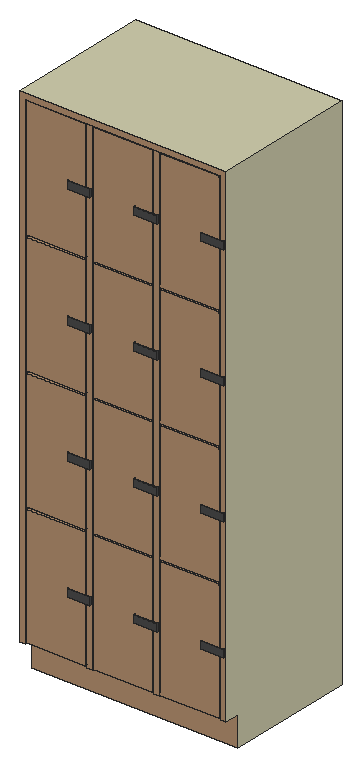
Revit family "Cabinet_Wenger_UltraStor_25", category Furniture, Revit 2015
Parameters (values of type "UltraStor Cabinet #25 - Comp Wood Doors")
  URL = "https://www.wengercorp.com/"
  Type Comments = ""
  Specification = "http://www.arcat.com/sdspecs/htm04/12_35_83wen.htm"
  Shelf Thickness = 0' - 1 1/8"
  Sales Information = "https://www.wengercorp.com/contact-us.php"
  Revision = "R1_2018-04"
  Rear Panel Thickness = 0' - 0 3/4"
  Product Data = "http://www.arcat.com/arcatcos/cos36/arc36487.html"
  Manufacturer Website = "https://www.wengercorp.com/"
  Manufacturer Phone - Toll Free = "800-4WENGER"
  Manufacturer Phone = "(507) 455-4100"
  Manufacturer Fax = "(507) 455-4258"
  Manufacturer Address = "555 Park Dr., Owatonna, MN 55060"
  Keynote = "12 35 83"
  HasDoors = yes
  Green Building-LEED = "http://www.arcat.com/green/clients/leed_data_36487.html"
  Drawn By = "Sumex Design, Inc. / Robert S. Weygant, CSI, CDT, SCIP"
  Door Width = (Cabinet Width - 0' 3") / 3  # 0' - 8.16667"
  Door Style = Door_Base : Solid Door
  Door Material [instance] = Wenger Cherry (Use Cherry Edge Band Only)
  Door Height = (Cabinet Height - 0' 4 3/4") / 4  # 1' - 4 1/4"
  Toe Kick Material [instance] = Wenger Cherry (Use Cherry Edge Band Only)
  RH End Panel [instance] = no
  Model = "#25"
  Manufacturer = "Wenger Corporation"
  LH End Panel [instance] = no
  End Panel Material [instance] = Wenger Cherry (Use Cherry Edge Band Only)
  Edge Banding Material [instance] = Wenger Cherry (Use Cherry Edge Band Only)
  Cost = 0
  Copyright = "© 2018 Arcat Inc."
  Construction Details = "http://www.arcat.com/details/wengerco/wengerco.html?coid=36487"
  Body Material [instance] = Wenger - Oyster
  Description = "Wenger UltraStor Cabinet #25 - Comp Wood Doors"
  Cabinet Width = 2' - 3 1/2"
  Cabinet Height = 5' - 9 3/4"
  Installed Depth = 1' - 7 1/4"
  Cabinet Panel Thickness = 0' - 0 3/4"
  Assembly Code = "E2010200"
Types (14): name | Rear Panel Thickness | HasDoors | Door Width | Door Style | Door Material | Model | Description | Cabinet Width | Installed Depth
  Acoustic Cabinet #25 - No Doors | 0' - 3 1/4" | no | 0' - 8.16667" | Door_Base : Solid Door | none | "#25A" | "Wenger Acoustic Cabinet #25 - No Doors" | 2' - 3 1/2" | 1' - 9 3/4"
  Narrow Acoustic Cabinet #25 - No Doors | 0' - 3 1/4" | no | 0' - 6.16667" | Door_Base : Solid Door | none | "#25NA" | "Wenger Narrow Acoustic Cabinet #25 - No Doors" | 1' - 9 1/2" | 1' - 9 3/4"
  Narrow Acoustic Cabinet #25 - Comp Grille Doors | 0' - 3 1/4" | yes | 0' - 6.16667" | Door_Base : Bars | Painted Black | "#25NA" | "Wenger Narrow Acoustic Cabinet #25 - Comp Grille Doors" | 1' - 9 1/2" | 1' - 9 3/4"
  Acoustic Cabinet #25 - Comp Grille Doors | 0' - 3 1/4" | yes | 0' - 8.16667" | Door_Base : Bars | Painted Black | "#25A" | "Wenger Acoustic Cabinet #25 - Comp Grille Doors" | 2' - 3 1/2" | 1' - 9 3/4"
  Narrow Acoustic Cabinet #25 - Comp Waterfall Grille Doors | 0' - 3 1/4" | yes | 0' - 6.16667" | Door_Base : Waterfall | Painted Black | "#25NA" | "Wenger Narrow Acoustic Cabinet #25 - Comp Waterfall Grille Doors" | 1' - 9 1/2" | 1' - 9 3/4"
  Acoustic Cabinet #25 - Comp Waterfall Grille Doors | 0' - 3 1/4" | yes | 0' - 8.16667" | Door_Base : Waterfall | Painted Black | "#25A" | "Wenger Acoustic Cabinet #25 - Comp Waterfall Grille Doors" | 2' - 3 1/2" | 1' - 9 3/4"
  UltraStor Cabinet #25 - Comp Wood Doors | 0' - 0 3/4" | yes | 0' - 8.16667" | Door_Base : Solid Door | Wenger Cherry (Use Cherry Edge Band Only) | "#25" | "Wenger UltraStor Cabinet #25 - Comp Wood Doors" | 2' - 3 1/2" | 1' - 7 1/4"
  UltraStor Cabinet #25 - Comp Grille Doors | 0' - 0 3/4" | yes | 0' - 8.16667" | Door_Base : Bars | Painted Black | "#25" | "Wenger UltraStor Cabinet #25 - Comp Grille Doors" | 2' - 3 1/2" | 1' - 7 1/4"
  UltraStor Cabinet #25 - Comp Waterfall Grille Doors | 0' - 0 3/4" | yes | 0' - 8.16667" | Door_Base : Waterfall | Painted Black | "#25" | "Wenger UltraStor Cabinet #25 - Comp Waterfall Grille Doors" | 2' - 3 1/2" | 1' - 7 1/4"
  Narrow UltraStor Cabinet #25 - Comp Waterfall Grille Doors | 0' - 0 3/4" | yes | 0' - 6.16667" | Door_Base : Waterfall | Painted Black | "#25N" | "Wenger Narrow Cabinet #25 - Comp Waterfall Grille Doors" | 1' - 9 1/2" | 1' - 7 1/4"
  Narrow UltraStor Cabinet #25 - Comp Grille Doors | 0' - 0 3/4" | yes | 0' - 6.16667" | Door_Base : Bars | Painted Black | "#25N" | "Wenger Narrow Cabinet #25 - Comp Grille Doors" | 1' - 9 1/2" | 1' - 7 1/4"
  Narrow UltraStor Cabinet #25 - Comp Wood Doors | 0' - 0 3/4" | yes | 0' - 6.16667" | Door_Base : Solid Door | Wenger Cherry (Use Cherry Edge Band Only) | "#25N" | "Wenger Narrow Cabinet #25 - Comp Wood Doors" | 1' - 9 1/2" | 1' - 7 1/4"
  Narrow UltraStor Cabinet #25 - No Doors | 0' - 0 3/4" | no | 0' - 6.16667" | Door_Base : Solid Door | none | "#25N" | "Wenger Narrow Cabinet #25 - No Doors" | 1' - 9 1/2" | 1' - 7 1/4"
  UltraStor Cabinet #25 - No Doors | 0' - 0 3/4" | no | 0' - 8.16667" | Door_Base : Solid Door | none | "#25" | "Wenger UltraStor Cabinet #25 - No Doors" | 2' - 3 1/2" | 1' - 7 1/4"
Reference planes (in)
  plane 1 "Front": y = 0
  plane 2: z = 0
  plane 3 "Left": x = 0
  plane 4 "Right": x = 27.5
  plane 5 "Back": y = 19.25
  plane 6 "Top": z = 69.75
  plane 7: z = 4
  plane 8: z = 20.25
  plane 9: z = 36.5
  plane 10: z = 52.75
  plane 11: x = 0.75
  plane 12: x = 26.75
  plane 13: z = 69
  plane 14: x = 8.91667
  plane 15: x = 9.66667
  plane 16: x = 17.83333
  plane 17: x = 18.58333
  plane 18: y = 18.5
  plane 19: y = 2
  plane 20: y = 0.75
  plane 21: z = 21.375
  plane 22: z = 37.625
  plane 23: z = 53.875
  plane 24: z = 5.125
Forms (in)
  Extrusion 1, solid, material "Wenger - Oyster" <- "Body Material"
    sketch origin (0, 0, 0) x (0, 1, 0) y (0, 0, 1)
      loop
        line (0, 69.75) -> (0, 4) -> (2, 4) -> (2, 0) -> (19.25, 0) -> (19.25, 69.75) -> (0, 69.75)
    from 0 to 27.5
  Extrusion 2, void
    sketch origin (0, 0, 0) x (0, 1, 0) y (0, 0, 1)
      loop
        line (0, 69) -> (0, 4) -> (0.75, 4)
        arc (0.75, 4) -> (1.15915, 4.80234) -> (2, 5.125) r 1.25694
        line (2, 5.125) -> (18.5, 5.125) -> (18.5, 20.25) -> (0.13105, 20.25)
        arc (0.13105, 20.25) -> (1.06124, 21.02491) -> (2.22019, 21.375) r 3.03781
        line (2.22019, 21.375) -> (18.5, 21.375) -> (18.5, 36.5) -> (1.42326, 36.5)
        arc (1.42326, 36.5) -> (1.12864, 37.18076) -> (1.72267, 37.625) r 0.59834
        line (1.72267, 37.625) -> (18.5, 37.625) -> (18.5, 52.75) -> (0.75, 52.75)
        arc (0.75, 52.75) -> (0.76505, 53.55555) -> (1.50469, 53.875) r 0.74395
        line (1.50469, 53.875) -> (18.5, 53.875) -> (18.5, 69) -> (0, 69)
    from 0.75 to 8.91667
  Extrusion 3, void
    sketch origin (0, 0, 0) x (0, 1, 0) y (0, 0, 1)
      loop
        line (0, 69) -> (0, 4) -> (0.75, 4)
        arc (0.75, 4) -> (1.18296, 4.77588) -> (2, 5.125) r 1.375
        line (2, 5.125) -> (18.5, 5.125) -> (18.5, 20.25) -> (0.75, 20.25)
        arc (0.75, 20.25) -> (1.18296, 21.02588) -> (2, 21.375) r 1.375
        line (2, 21.375) -> (18.5, 21.375) -> (18.5, 36.5) -> (0.75, 36.5)
        arc (0.75, 36.5) -> (1.18296, 37.27588) -> (2, 37.625) r 1.375
        line (2, 37.625) -> (18.5, 37.625) -> (18.5, 52.75) -> (0.75, 52.75)
        arc (0.75, 52.75) -> (1.18296, 53.52588) -> (2, 53.875) r 1.375
        line (2, 53.875) -> (18.5, 53.875) -> (18.5, 69) -> (0, 69)
    from 9.66667 to 17.83333
  Extrusion 4, void
    sketch origin (0, 0, 0) x (0, 1, 0) y (0, 0, 1)
      loop
        line (-5.5, 69) -> (-5.5, 4) -> (0.75, 4)
        arc (0.75, 4) -> (1.18296, 4.77588) -> (2, 5.125) r 1.375
        line (2, 5.125) -> (18.5, 5.125) -> (18.5, 20.25) -> (0.75, 20.25)
        arc (0.75, 20.25) -> (1.18296, 21.02588) -> (2, 21.375) r 1.375
        line (2, 21.375) -> (18.5, 21.375) -> (18.5, 36.5) -> (0.75, 36.5)
        arc (0.75, 36.5) -> (1.18296, 37.27588) -> (2, 37.625) r 1.375
        line (2, 37.625) -> (18.5, 37.625) -> (18.5, 52.75) -> (0.75, 52.75)
        arc (0.75, 52.75) -> (1.18296, 53.52588) -> (2, 53.875) r 1.375
        line (2, 53.875) -> (18.5, 53.875) -> (18.5, 69) -> (-5.5, 69)
    from 18.58333 to 26.75
  Extrusion 5, void
    sketch origin (0, 0, 0) x (0, 1, 0) y (0, 0, 1)
      loop
        line (0, 69) -> (0, 4) -> (0.0625, 4) -> (0.0625, 69) -> (0, 69)
    from 0.75 to 26.75
Cuts and joins
  Extrusion 2, Extrusion 3, Extrusion 4, Extrusion 5 cuts Extrusion 1
Lines and regions (in)
  Masking region 1
    outline origin (0, 0, 0) x (1, 0, 0) y (0, 1, 0)
      loop
        line (0, 19.25) -> (0, 0) -> (27.5, 0) -> (27.5, 19.25) -> (0, 19.25)
Dimensions and locks (in)
  "Cabinet Panel Thickness": plane 3 "Left" to plane 11
  "Cabinet Panel Thickness": plane 12 to plane 4 "Right"
  "Cabinet Panel Thickness": plane 5 "Back" to plane 18
  locked: plane 1 "Front" to plane 20 at 0.75
  locked: plane 1 "Front" to plane 19 at 2
  "Shelf Thickness": plane 21 to plane 8
  "Shelf Thickness": plane 22 to plane 9
  "Shelf Thickness": plane 23 to plane 10
  "Cabinet Panel Thickness": plane 6 "Top" to plane 13
  "Shelf Thickness": plane 24 to plane 7
  "Cabinet Width": plane 3 "Left" to plane 4 "Right"
  locked: plane 7 to level at 4
  "Cabinet Height": plane 6 "Top" to level
  "Installed Depth": plane 1 "Front" to plane 5 "Back"
  "Door Width": plane 14 to plane 11
  "Door Width": plane 16 to plane 15
  "Door Width": plane 12 to plane 17
  plane 3 "Left" to plane 4 "Right" = 2' - 3 1/2"
  locked: plane 17 to plane 16 at 0.75
  equal spacing: plane 15, nested 2, plane 16
  equal spacing: plane 5 "Back", nested 2, plane 1 "Front"
  equal spacing: plane 13, plane 10, plane 9, plane 8, plane 7
  aligned and locked: Extrusion 1 sketch curve to plane 6 "Top"
  aligned and locked: Extrusion 1 sketch curve to plane 5 "Back"
  aligned and locked: Extrusion 1 sketch curve to plane 1 "Front"
  aligned and locked: Extrusion 1 sketch curve to plane 7
  aligned and locked: Extrusion 1 sketch curve to plane 19
  aligned and locked: Extrusion 1 sketch curve to level
  aligned and locked: Extrusion 1 to plane 4 "Right"
  aligned and locked: Extrusion 1 to plane 3 "Left"
  aligned and locked: Extrusion 2 sketch curve to plane 13
  aligned and locked: Extrusion 2 sketch curve to plane 18
  aligned and locked: Extrusion 2 sketch curve to plane 10
  aligned and locked: Extrusion 2 sketch curve to plane 22
  aligned and locked: Extrusion 2 sketch curve to plane 9
  aligned and locked: Extrusion 2 sketch curve to plane 21
  aligned and locked: Extrusion 2 sketch curve to plane 8
  aligned and locked: Extrusion 2 sketch curve to plane 24
  aligned and locked: Extrusion 2 sketch curve to plane 23
  aligned and locked: Extrusion 2 to plane 11
  aligned and locked: plane 14 to Extrusion 2
  aligned and locked: plane 16 to Extrusion 3
  aligned and locked: Extrusion 3 to plane 15
  aligned and locked: Extrusion 4 to plane 12
  aligned and locked: Extrusion 4 to plane 17
  aligned and locked: Extrusion 5 sketch curve to cut or joined group of Extrusion 1, Extrusion 2, Extrusion 3, Extrusion 4, Extrusion 5  (x3)
  aligned and locked: Extrusion 5 to plane 12
  aligned and locked: Extrusion 5 to plane 11
  aligned and locked: nested 3 to plane 11
  aligned and locked: plane 14 to nested 3
  aligned and locked: nested 3 to plane 10
  aligned and locked: nested 4 to plane 10
  aligned and locked: nested 4 to plane 15
  aligned and locked: plane 16 to nested 4
  aligned and locked: cut or joined group of Extrusion 1, Extrusion 2, Extrusion 3, Extrusion 4, Extrusion 5 to plane 17
  aligned and locked: cut or joined group of Extrusion 1, Extrusion 2, Extrusion 3, Extrusion 4, Extrusion 5 to plane 12
  aligned and locked: nested 5 to plane 10
  aligned and locked: plane 10 to cut or joined group of Extrusion 1, Extrusion 2, Extrusion 3, Extrusion 4, Extrusion 5  (x2)
  aligned and locked: nested 8 to plane 9
  aligned and locked: nested 7 to plane 9
  aligned and locked: nested 6 to plane 9
  aligned and locked: plane 9 to cut or joined group of Extrusion 1, Extrusion 2, Extrusion 3, Extrusion 4, Extrusion 5
  aligned and locked: nested 9 to plane 8
  aligned and locked: nested 10 to plane 8
  aligned and locked: nested 11 to plane 8
  aligned and locked: nested 14 to plane 12
  aligned and locked: nested 11 to plane 12
  aligned and locked: nested 8 to plane 12
  aligned and locked: nested 5 to plane 12
  aligned and locked: nested 5 to plane 17
  aligned and locked: nested 8 to plane 17
  aligned and locked: nested 11 to plane 17
  aligned and locked: nested 14 to plane 17
  aligned and locked: plane 16 to cut or joined group of Extrusion 1, Extrusion 2, Extrusion 3, Extrusion 4, Extrusion 5
  aligned and locked: plane 16 to nested 10
  aligned and locked: plane 16 to nested 7
  aligned and locked: nested 10 to plane 15
  aligned and locked: nested 7 to plane 15
  aligned and locked: nested 13 to plane 15
  aligned and locked: plane 14 to nested 12
  aligned and locked: plane 14 to nested 9
  aligned and locked: plane 14 to nested 6
  aligned and locked: nested 6 to plane 11
  aligned and locked: nested 9 to plane 11
  aligned and locked: nested 12 to plane 11
  aligned and locked: plane 7 to cut or joined group of Extrusion 1, Extrusion 2, Extrusion 3, Extrusion 4, Extrusion 5
  aligned and locked: nested 13 to plane 7
  aligned and locked: nested 14 to plane 7
  aligned and locked: nested 12 to plane 7
  aligned and locked: plane 20 to Extrusion 2 sketch curve
  aligned and locked: plane 1 "Front" to nested 15
  aligned and locked: nested 15 to level
  aligned and locked: nested 15 to plane 4 "Right"
  aligned and locked: Masking region 1 sketch curve to plane 5 "Back"
  aligned and locked: Masking region 1 sketch curve to plane 1 "Front"
  aligned and locked: plane 3 "Left" to Masking region 1 sketch curve
  aligned and locked: plane 4 "Right" to Masking region 1 sketch curve
  aligned and locked: plane 1 "Front" to Extrusion 2
  aligned and locked: plane 1 "Front" to Extrusion 3
Automatic sketch dimensions
  Extrusion 3 sketch curve to plane 13 = 0' - 0"
  Extrusion 3 sketch curve to plane 7 = 0' - 0"
  Extrusion 3 sketch curve to plane 20 = 0' - 0"  (x4)
  Extrusion 3 sketch curve to plane 10 = 0' - 0"
  Extrusion 3 sketch curve to plane 8 = 0' - 0"
  Extrusion 3 sketch curve to plane 9 = 0' - 0"
  Extrusion 3 sketch curve to plane 19 = 0' - 0"  (x4)
  Extrusion 3 sketch curve to plane 18 = 0' - 0"  (x4)
  Extrusion 3 sketch curve to plane 24 = 0' - 0"
  Extrusion 3 sketch curve to plane 21 = 0' - 0"
  Extrusion 3 sketch curve to plane 22 = 0' - 0"
  Extrusion 3 sketch curve to plane 23 = 0' - 0"
  plane 1 "Front" to Extrusion 3 sketch curve = 0' - 0"
  Extrusion 3 sketch curve to plane 19 = 0' - 0.10279"  (x4)
  Extrusion 4 sketch curve to plane 13 = 0' - 0"
  Extrusion 4 sketch curve to plane 7 = 0' - 0"
  Extrusion 4 sketch curve to plane 20 = 0' - 0"  (x4)
  Extrusion 4 sketch curve to plane 10 = 0' - 0"
  Extrusion 4 sketch curve to plane 8 = 0' - 0"
  Extrusion 4 sketch curve to plane 9 = 0' - 0"
  Extrusion 4 sketch curve to plane 19 = 0' - 0"  (x4)
  Extrusion 4 sketch curve to plane 18 = 0' - 0"  (x4)
  Extrusion 4 sketch curve to plane 24 = 0' - 0"
  Extrusion 4 sketch curve to plane 21 = 0' - 0"
  Extrusion 4 sketch curve to plane 22 = 0' - 0"
  Extrusion 4 sketch curve to plane 23 = 0' - 0"
  plane 1 "Front" to Extrusion 4 sketch curve = 0' - 5 1/2"
  Extrusion 4 sketch curve to plane 19 = 0' - 0.10279"  (x4)
  plane 20 to Extrusion 5 sketch curve = 0' - 0 11/16"
  Extrusion 2 sketch curve to plane 7 = 0' - 0"
  plane 20 to Extrusion 2 sketch curve = 0' - 0.61895"
  Extrusion 2 sketch curve to plane 19 = 0' - 0"
  Extrusion 2 sketch curve to plane 19 = 0' - 0.22019"
  Extrusion 2 sketch curve to plane 18 = 0' - 0"  (x3)
  plane 1 "Front" to Extrusion 2 sketch curve = 0' - 0"
  Extrusion 2 sketch curve to plane 19 = 0' - 0.50154"
  Extrusion 2 sketch curve to plane 20 = 0' - 0"
  Extrusion 2 sketch curve to plane 20 = 0' - 0.67326"
  plane 19 to Extrusion 2 sketch curve = 0' - 0 71/256"
  plane 19 to Extrusion 2 sketch curve = 0' - 0.49531"
  plane 19 to Extrusion 2 sketch curve = 0' - 0.61714"
  plane 19 to Extrusion 2 sketch curve = 0' - 0.29314"
Nested families (in)
  nested 1: "End Panel" at (0, 4.25, 0) x (0, -1, 0) z (0, 0, 1), End Panel Material <- "End Panel Material", visible <- "LH End Panel", Edge Banding Material <- "Edge Banding Material", type "End Panel"
    with End Panel Material Wenger Cherry (Use Cherry Edge Band Only), Edge Banding Material Wenger Cherry (Use Cherry Edge Band Only), End Panel Height 5' - 9 3/4", End Panel Depth 1' - 7 1/4"
  nested 2: "Labels" at (13.75, 9.625, 0), type "Labels"
  nested 3: "Door_Base" at (4.83333, 0, 52.75) x (1, 0, 0) z (0, -1, 0), type <- "Door Style", Height <- "Door Height", Width <- "Door Width", visible <- "HasDoors", type "Solid Door", detail levels medium+fine
    with vBars 6, Width 0' - 8.16667", ToeKick Height 0' - 4", MidBar no, Height 1' - 4 1/4", BarHt 1' - 3 3/4", 2HzBars no
  nested 4: "Door_Base" at (13.75, 0, 52.75) x (1, 0, 0) z (0, -1, 0), type <- "Door Style", Height <- "Door Height", Width <- "Door Width", visible <- "HasDoors", type "Solid Door", detail levels medium+fine
    with vBars 6, Width 0' - 8.16667", ToeKick Height 0' - 4", MidBar no, Height 1' - 4 1/4", BarHt 1' - 3 3/4", 2HzBars no
  nested 5: "Door_Base" at (22.66667, 0, 52.75) x (1, 0, 0) z (0, -1, 0), type <- "Door Style", Height <- "Door Height", Width <- "Door Width", visible <- "HasDoors", type "Solid Door", detail levels medium+fine
    with vBars 6, Width 0' - 8.16667", ToeKick Height 0' - 4", MidBar no, Height 1' - 4 1/4", BarHt 1' - 3 3/4", 2HzBars no
  nested 6: "Door_Base" at (4.83333, 0, 36.5) x (1, 0, 0) z (0, -1, 0), type <- "Door Style", Height <- "Door Height", Width <- "Door Width", visible <- "HasDoors", type "Solid Door", detail levels medium+fine
    with vBars 6, Width 0' - 8.16667", ToeKick Height 0' - 4", MidBar no, Height 1' - 4 1/4", BarHt 1' - 3 3/4", 2HzBars no
  nested 7: "Door_Base" at (13.75, 0, 36.5) x (1, 0, 0) z (0, -1, 0), type <- "Door Style", Height <- "Door Height", Width <- "Door Width", visible <- "HasDoors", type "Solid Door", detail levels medium+fine
    with vBars 6, Width 0' - 8.16667", ToeKick Height 0' - 4", MidBar no, Height 1' - 4 1/4", BarHt 1' - 3 3/4", 2HzBars no
  nested 8: "Door_Base" at (22.66667, 0, 36.5) x (1, 0, 0) z (0, -1, 0), type <- "Door Style", Height <- "Door Height", Width <- "Door Width", visible <- "HasDoors", type "Solid Door", detail levels medium+fine
    with vBars 6, Width 0' - 8.16667", ToeKick Height 0' - 4", MidBar no, Height 1' - 4 1/4", BarHt 1' - 3 3/4", 2HzBars no
  nested 9: "Door_Base" at (4.83333, 0, 20.25) x (1, 0, 0) z (0, -1, 0), type <- "Door Style", Height <- "Door Height", Width <- "Door Width", visible <- "HasDoors", type "Solid Door", detail levels medium+fine
    with vBars 6, Width 0' - 8.16667", ToeKick Height 0' - 4", MidBar no, Height 1' - 4 1/4", BarHt 1' - 3 3/4", 2HzBars no
  nested 10: "Door_Base" at (13.75, 0, 20.25) x (1, 0, 0) z (0, -1, 0), type <- "Door Style", Height <- "Door Height", Width <- "Door Width", visible <- "HasDoors", type "Solid Door", detail levels medium+fine
    with vBars 6, Width 0' - 8.16667", ToeKick Height 0' - 4", MidBar no, Height 1' - 4 1/4", BarHt 1' - 3 3/4", 2HzBars no
  nested 11: "Door_Base" at (22.66667, 0, 20.25) x (1, 0, 0) z (0, -1, 0), type <- "Door Style", Height <- "Door Height", Width <- "Door Width", visible <- "HasDoors", type "Solid Door", detail levels medium+fine
    with vBars 6, Width 0' - 8.16667", ToeKick Height 0' - 4", MidBar no, Height 1' - 4 1/4", BarHt 1' - 3 3/4", 2HzBars no
  nested 12: "Door_Base" at (4.83333, 0, 4) x (1, 0, 0) z (0, -1, 0), type <- "Door Style", Height <- "Door Height", Width <- "Door Width", visible <- "HasDoors", type "Solid Door", detail levels medium+fine
    with vBars 6, Width 0' - 8.16667", ToeKick Height 0' - 4", MidBar no, Height 1' - 4 1/4", BarHt 1' - 3 3/4", 2HzBars no
  nested 13: "Door_Base" at (13.75, 0, 4) x (1, 0, 0) z (0, -1, 0), type <- "Door Style", Height <- "Door Height", Width <- "Door Width", visible <- "HasDoors", type "Solid Door", detail levels medium+fine
    with vBars 6, Width 0' - 8.16667", ToeKick Height 0' - 4", MidBar no, Height 1' - 4 1/4", BarHt 1' - 3 3/4", 2HzBars no
  nested 14: "Door_Base" at (22.66667, 0, 4) x (1, 0, 0) z (0, -1, 0), type <- "Door Style", Height <- "Door Height", Width <- "Door Width", visible <- "HasDoors", type "Solid Door", detail levels medium+fine
    with vBars 6, Width 0' - 8.16667", ToeKick Height 0' - 4", MidBar no, Height 1' - 4 1/4", BarHt 1' - 3 3/4", 2HzBars no
  nested 15: "End Panel" at (28.25, 4.25, 0) x (0, -1, 0) z (0, 0, 1), End Panel Material <- "End Panel Material", Edge Banding Material <- "Edge Banding Material", visible <- "RH End Panel", type "End Panel"
    with End Panel Material Wenger Cherry (Use Cherry Edge Band Only), Edge Banding Material Wenger Cherry (Use Cherry Edge Band Only), End Panel Height 5' - 9 3/4", End Panel Depth 1' - 7 1/4"
Definition of nested family "End Panel"
  Parameters (values of type "End Panel")
    End Panel Material [instance] = none
    End Panel Height = 7' - 1 5/8"
    End Panel Depth = 1' - 9 3/4"
    Edge Banding Material [instance] = none
    Default Elevation = 4' - 0"
    Assembly Code = ""
  Reference planes (in)
    plane 1 "Center (Front/Back)": y = 0
    plane 2: z = 0
    plane 3 "Center (Left/Right)": x = 0
    plane 4: x = -15
    plane 5: x = 6.75
    plane 6: z = 4
    plane 7: x = 4.75
    plane 8: z = 85.625
    plane 9: y = -0.75
  Forms (in)
    Extrusion 1, solid, material <- "End Panel Material"
      sketch origin (0, 0, 0) x (1, 0, 0) y (0, 0, 1)
        loop
          line (-15, 85.625) -> (-15, 0) -> (4.75, 0) -> (4.75, 4) -> (6.75, 4) -> (6.75, 85.625) -> (-15, 85.625)
      from 0 to 0.75
  Lines and regions (in)
    Masking region 1, detail levels coarse+medium
      outline origin (0, 0, 0) x (1, 0, 0) y (0, 1, 0)
        loop
          line (-15, 0) -> (-15, -0.75) -> (6.75, -0.75) -> (6.75, 0) -> (-15, 0)
  Dimensions and locks (in)
    locked: plane 7 to plane 5 at 2
    locked: plane 6 to level at 4
    "End Panel Height": plane 8 to level
    "End Panel Depth": plane 5 to plane 4
    locked: plane 9 to plane 1 "Center (Front/Back)" at 0.75
    aligned and locked: plane 4 to Extrusion 1 sketch curve
    aligned and locked: level to Extrusion 1 sketch curve
    aligned and locked: plane 7 to Extrusion 1 sketch curve
    aligned and locked: plane 6 to Extrusion 1 sketch curve
    aligned and locked: Extrusion 1 sketch curve to plane 5
    aligned and locked: Extrusion 1 sketch curve to plane 8
    aligned and locked: Extrusion 1 to plane 9
    aligned and locked: Extrusion 1 to plane 1 "Center (Front/Back)"
    aligned and locked: plane 4 to Masking region 1 sketch curve
    aligned and locked: Masking region 1 sketch curve to plane 5
    aligned and locked: plane 1 "Center (Front/Back)" to Masking region 1 sketch curve
    aligned and locked: plane 9 to Masking region 1 sketch curve
Definition of nested family "Door_Base"
  Parameters (values of type "None")
    vBars [instance] = (Width - 0' 2") / 0' 1"  # 6
    Width [instance] = 0' - 8"
    ToeKick Height [instance] = 0' - 4"
    Thickness = 0' - 0 3/4"
    Solid Door = no
    Shelf Thickness = 0' - 0 3/4"
    Panel Thickness = 0' - 0 3/4"
    MidBar [instance] = and(Height < 1' 6", HasDoor, not(Solid Door))  # no
    Height [instance] = 1' - 2 5/8"
    HasDoor = no
    Edge Banding = none
    DoorGap = 0' - 0 1/8"
    Door Finish = none
    Depth = 2' - 0"
    Default Elevation = 4' - 0"
    Bars = no
    BarStyle = Bars : Waterfall
    BarHt [instance] = Height - 0' 0 1/2"  # 1' - 2 1/8"
    2HzBars [instance] = and(Height > 1' 6", not(Solid Door))  # no
  Types (4): name | Thickness | Solid Door | MidBar | HasDoor | Bars | BarStyle
    Solid Door | 0' - 0 3/4" | yes | no | yes | no | Bars : Waterfall
    Bars | 0' - 0 1/4" | no | yes | yes | yes | Bars : Straight
    Waterfall | 0' - 0 3/4" | no | yes | yes | yes | Bars : Waterfall
    None | 0' - 0 3/4" | no | no | no | no | Bars : Waterfall
  Reference planes (in)
    plane 1 "Center (Front/Back)": y = 0
    plane 2: z = 0
    plane 3 "Center (Left/Right)": x = 0
    plane 4: x = -4
    plane 5: y = 14.625
    plane 6: x = 4
    plane 7: z = -0.75
    plane 8: x = -3.875
    plane 9: x = 3.875
    plane 10: y = 0.125
    plane 11: y = 14.5
    plane 12: y = -0.75
    plane 13 "CL Elev": y = 7.3125
    plane 14: x = -3.75
    plane 15: x = 3.75
    plane 16 "BtmRail": y = 0.25
    plane 17: y = 14.375
    plane 18: z = -0.125
    plane 19: x = -2.75
    plane 20: x = 2.75
    plane 21: y = 9.66667
    plane 22: y = 4.95833
  Forms (in)
    Extrusion 1, solid, material <- "Door Finish", visible <- "Solid Door", detail levels medium+fine
      sketch origin (0, 0, 0) x (1, 0, 0) y (0, 1, 0)
        loop
          arc (-3.75, 14.5) -> (-3.83839, 14.46339) -> (-3.875, 14.375) r 0.125
          line (-3.875, 14.375) -> (-3.875, 0.25)
          arc (-3.875, 0.25) -> (-3.83839, 0.16161) -> (-3.75, 0.125) r 0.125
          line (-3.75, 0.125) -> (3.75, 0.125)
          arc (3.75, 0.125) -> (3.83839, 0.16161) -> (3.875, 0.25) r 0.125
          line (3.875, 0.25) -> (3.875, 14.375)
          arc (3.875, 14.375) -> (3.83839, 14.46339) -> (3.75, 14.5) r 0.125
          line (3.75, 14.5) -> (-3.75, 14.5)
      from 0 to -0.75
    Sweep 2, solid, material <- "Door Finish", visible <- "Bars", detail levels medium+fine
      path origin (0, 0, 0) x (1, 0, 0) y (0, 1, 0)
        loop
          arc (-3.125, 14.5) -> (-3.65533, 14.28033) -> (-3.875, 13.75) r 0.75
          line (-3.875, 13.75) -> (-3.875, 0.875)
          arc (-3.875, 0.875) -> (-3.65533, 0.34467) -> (-3.125, 0.125) r 0.75
          line (-3.125, 0.125) -> (3.125, 0.125)
          arc (3.125, 0.125) -> (3.65533, 0.34467) -> (3.875, 0.875) r 0.75
          line (3.875, 0.875) -> (3.875, 13.75)
          arc (3.875, 13.75) -> (3.65533, 14.28033) -> (3.125, 14.5) r 0.75
          line (3.125, 14.5) -> (-3.125, 14.5)
      profile origin (0, 14.5, 0) x (0, 1, 0) y (0, 0, 1)
        loop
          circle (-0.125, -0.125) r 0.125
    Extrusion 3, solid, material <- "Door Finish", visible <- "MidBar", detail levels medium+fine
      sketch origin (0, 0, 0) x (0, 1, 0) y (0, 0, 1)
        loop
          circle (7.3125, -0.125) r 0.125
      from -3.75 to 3.75
    Extrusion 4, solid, visible <- "HasDoor", detail levels fine
      sketch origin (0, 0, 0) x (1, 0, 0) y (0, 1, 0)
        loop
          line (1.5, 7.8125) -> (1.5, 6.8125) -> (4.5, 6.8125) -> (4.5, 7.8125) -> (1.5, 7.8125)
      from 0 to 0.125
    Extrusion 5, solid, material <- "Door Finish", visible <- "2HzBars", detail levels medium+fine
      sketch origin (0, 0, 0) x (0, 1, 0) y (0, 0, 1)
        loop
          circle (9.66667, -0.125) r 0.125
        loop
          circle (4.95833, -0.125) r 0.125
      from -3.75 to 3.75
  Lines and regions (in)
    symbolic lines, visible <- "HasDoor", detail levels medium+fine
      curve 1: line (4, 0.25, 0) -> (-4, 0.25, 0)
      curve 2: line (-4, 0.25, 0) -> (-4, 0.25, 8)
      curve 3: arc (4, 0.25, 0) -> (1.65685, 0.25, 5.65685) -> (-4, 0.25, 8) r 8
    symbolic lines, visible <- "HasDoor"
      curve 4: line (3.875, 0.25, 0) -> (3.875, 0.25, -0.75)
      curve 5: line (3.875, 0.25, -0.75) -> (-3.875, 0.25, -0.75)
      curve 6: line (-3.875, 0.25, -0.75) -> (-3.875, 0.25, 0)
    symbolic lines, detail levels medium
      curve 7: line (3.875, 14.5, 0) -> (-3.875, 7.3125, 0)
      curve 8: line (-3.875, 7.3125, 0) -> (3.875, 0.125, 0)
  Dimensions and locks (in)
    "Height": plane 1 "Center (Front/Back)" to plane 5
    "Thickness": level to plane 7
    equal spacing: plane 4, plane 3 "Center (Left/Right)", plane 6
    "Width": plane 4 to plane 6
    "DoorGap": plane 5 to plane 11
    "DoorGap": plane 9 to plane 6
    "DoorGap": plane 4 to plane 8
    "DoorGap": plane 1 "Center (Front/Back)" to plane 10
    "Shelf Thickness": plane 1 "Center (Front/Back)" to plane 12
    equal spacing: plane 1 "Center (Front/Back)", plane 13 "CL Elev", plane 5
    locked: plane 15 to plane 9 at 0.125
    locked: plane 8 to plane 14 at 0.125
    locked: plane 11 to plane 17 at 0.125
    locked: plane 16 "BtmRail" to plane 10 at 0.125
    locked: level to plane 18 at 0.125
    plane 19 to plane 14 = 0' - 1"
    locked: plane 15 to plane 20 at 1
    Extrusion 4 sketch curve to plane 13 "CL Elev" to Extrusion 4 sketch curve = 0' - 0 1/2" locked, 0' - 0 1/2" locked
    locked: plane 6 to Extrusion 4 sketch curve at 0.5
    locked: Extrusion 4 sketch curve to plane 6 at 2.5
    locked: Extrusion 4 to level at 0.125
    equal spacing: group 1, group 3, group 4, group 5, group 6, group 2  (x3)
    equal spacing: plane 17, plane 21, plane 22, plane 16 "BtmRail"
    "Width": radius of curve 3
    aligned and locked: plane 2 to level
    aligned and locked: Extrusion 1 sketch curve to plane 11
    aligned and locked: plane 8 to Extrusion 1 sketch curve
    aligned and locked: Extrusion 1 sketch curve to plane 9
    aligned and locked: plane 10 to Extrusion 1 sketch curve
    aligned and locked: Extrusion 1 to plane 7
    aligned and locked: level to Extrusion 1
    aligned and locked: Sweep 2 sketch curve to plane 11
    aligned and locked: plane 8 to Sweep 2 sketch curve
    aligned and locked: plane 10 to Sweep 2 sketch curve
    aligned and locked: Sweep 2 sketch curve to plane 9
    aligned and locked: plane 15 to Extrusion 3
    aligned and locked: Extrusion 3 to plane 14
    aligned and locked: plane 20 to nested 2
    aligned and locked: plane 19 to nested 1
    aligned and locked: plane 21 to Extrusion 5 sketch curve
    aligned and locked: plane 18 to Extrusion 5 sketch curve  (x2)
    aligned and locked: plane 22 to Extrusion 5 sketch curve
    aligned and locked: Extrusion 5 to Extrusion 3  (x2)
    aligned and locked: plane 4 to curve 3  (x2)
    aligned and locked: level to curve 3
    aligned and locked: plane 7 to curve 5
    aligned and locked: Extrusion 1 to plane 8
    aligned and locked: plane 9 to Extrusion 1
    aligned and locked: plane 10 to curve 8
    aligned and locked: plane 9 to curve 8
    aligned and locked: plane 13 "CL Elev" to curve 8
    aligned and locked: plane 11 to curve 7
    aligned and locked: plane 9 to curve 7
  Automatic sketch dimensions
    plane 8 to Sweep 2 sketch curve = 0' - 0 3/4"  (x2)
    Sweep 2 sketch curve to plane 9 = 0' - 0 3/4"
    Sweep 2 sketch curve to Sweep 2 sketch curve = 0' - 0 3/4"
    Sweep 2 sketch curve to level = 0' - 0 1/8"
    profile plane to Sweep 2 sketch curve = 0' - 0 1/8"
    Extrusion 3 sketch curve to level = 0' - 0 1/8"
    Extrusion 3 sketch curve to plane 13 "CL Elev" = 0' - 0"
    curve 8 to plane 8 = 0' - 0"
    Extrusion 1 sketch curve to plane 14 = 0' - 0"  (x2)
    Extrusion 1 sketch curve to plane 15 = 0' - 0"  (x2)
    curve 5 to plane 9 = 0' - 0"
    curve 6 to plane 8 = 0' - 0"
    radius of Sweep 2 sketch curve = 0' - 0 1/8"
    radius of Extrusion 3 sketch curve = 0' - 0 1/8"
    radius of Extrusion 5 sketch curve = 0' - 0 1/8"  (x2)
  Nested families (in)
    nested 1: "Bars" at (-2.75, 0.25, -0.125) x (1, 0, 0) z (0, 1, 0), type <- "BarStyle", visible <- "Bars", type "Waterfall", detail levels fine
      with Lateral Deviation 0' - 1", Height 1' - 2 1/8"
    nested 2: "Bars" at (2.75, 0.25, -0.125) x (1, 0, 0) z (0, 1, 0), type <- "BarStyle", visible <- "Bars", type "Waterfall", detail levels fine
      with Lateral Deviation 0' - 1", Height 1' - 2 1/8"
    nested 3: "Bars" at (-1.65, 0.25, -0.125) x (1, 0, 0) z (0, 1, 0), type <- "BarStyle", visible <- "Bars", type "Waterfall", detail levels fine
      with Lateral Deviation 0' - 1", Height 1' - 2 1/8"
    nested 4: "Bars" at (-0.55, 0.25, -0.125) x (1, 0, 0) z (0, 1, 0), type <- "BarStyle", visible <- "Bars", type "Waterfall", detail levels fine
      with Lateral Deviation 0' - 1", Height 1' - 2 1/8"
    nested 5: "Bars" at (0.55, 0.25, -0.125) x (1, 0, 0) z (0, 1, 0), type <- "BarStyle", visible <- "Bars", type "Waterfall", detail levels fine
      with Lateral Deviation 0' - 1", Height 1' - 2 1/8"
    nested 6: "Bars" at (1.65, 0.25, -0.125) x (1, 0, 0) z (0, 1, 0), type <- "BarStyle", visible <- "Bars", type "Waterfall", detail levels fine
      with Lateral Deviation 0' - 1", Height 1' - 2 1/8"
  Definition of nested family "Bars"
    Parameters (values of type "Straight")
      WaterFall = no
      Straight = yes
      Lateral Deviation = 0' - 1 1/2"
      Height = 1' - 2 5/8"
      Default Elevation = 4' - 0"
      Bars = none
    Types (3): name | WaterFall | Straight
      (no name) | no | yes
      Waterfall | yes | no
      Straight | no | yes
    Reference planes (in)
      plane 1 "Center (Front/Back)": y = 0
      plane 2: z = 0
      plane 3 "Center (Left/Right)": x = 0
      plane 4: z = 14.625
      plane 5: z = 7.3125
      plane 6: x = 0.75
      plane 7: x = -0.75
      plane 8: z = 10.96875
      plane 9: z = 3.65625
    Forms (in)
      Sweep 1, solid, material <- "Bars", visible <- "WaterFall"
        path origin (0, 0, 0) x (1, 0, 0) y (0, 0, 1)
          loop
            arc (0, 0) -> (0.56057, 1.79006) -> (0.75, 3.65625) r 9.28711
            arc (0.75, 3.65625) -> (0.56057, 5.52244) -> (0, 7.3125) r 9.28711
        profile origin (0.56057, 0, 1.79006) x (-0.979603, 0, 0.200944) y (0, -1, 0)
          loop
            circle (0, 0) r 0.0625
      Sweep 2, solid, material <- "Bars", visible <- "WaterFall"
        path origin (0, 0, 14.625) x (-1, 0, 0) y (0, 0, -1)
          loop
            arc (0, 0) -> (0.56057, 1.79006) -> (0.75, 3.65625) r 9.28711
            arc (0.75, 3.65625) -> (0.56057, 5.52244) -> (0, 7.3125) r 9.28711
        profile origin (-0.56057, 0, 12.83494) x (0.979603, 0, -0.200944) y (0, -1, 0)
          loop
            circle (0, 0) r 0.0625
      Extrusion 3, solid, material <- "Bars", visible <- "Straight"
        sketch origin (0, 0, 0) x (1, 0, 0) y (0, 1, 0)
          loop
            circle (0, 0) r 0.0625
        from 0 to 14.625
    Dimensions and locks (in)
      "Height": plane 4 to level
      equal spacing: plane 6, plane 3 "Center (Left/Right)", plane 7
      "Lateral Deviation": plane 6 to plane 7
      equal spacing: plane 4, plane 8, plane 5, plane 9, level
      aligned and locked: plane 2 to level
      aligned and locked: plane 3 "Center (Left/Right)" to Sweep 1 sketch curve  (x2)
      aligned and locked: level to Sweep 1 sketch curve
      aligned and locked: plane 6 to Sweep 1 sketch curve
      aligned and locked: plane 9 to Sweep 1 sketch curve
      aligned and locked: plane 4 to Sweep 2 sketch curve
      aligned and locked: plane 3 "Center (Left/Right)" to Sweep 2 sketch curve  (x2)
      aligned and locked: plane 8 to Sweep 2 sketch curve
      aligned and locked: plane 7 to Sweep 2 sketch curve
      aligned and locked: plane 5 to Sweep 2 sketch curve
      aligned and locked: plane 4 to Extrusion 3
      aligned and locked: Extrusion 3 to level
    Automatic sketch dimensions
      plane 1 "Center (Front/Back)" to Sweep 1 sketch curve = 0' - 0"
      Sweep 1 sketch curve to profile plane = 0' - 0"
      Sweep 1 sketch curve to Sweep 1 sketch curve = 0' - 0"
      Sweep 2 sketch curve to plane 1 "Center (Front/Back)" = 0' - 0"
      Sweep 2 sketch curve to profile plane = 0' - 0"
      plane 1 "Center (Front/Back)" to Extrusion 3 sketch curve = 0' - 0"
      Extrusion 3 sketch curve to plane 3 "Center (Left/Right)" = 0' - 0"
      radius of Sweep 1 sketch curve = 0' - 0 1/16"
      radius of Sweep 2 sketch curve = 0' - 0 1/16"
      radius of Extrusion 3 sketch curve = 0' - 0 1/16"
Definition of nested family "Labels"
  Parameters
    Cabinet Label = "01"
  Reference planes (in)
    plane 1: y = 0
    plane 2: x = 0
  Text (in)
    label "xxxx" at (-0.00018, 0.00754, 0), shows "Cabinet Label"
